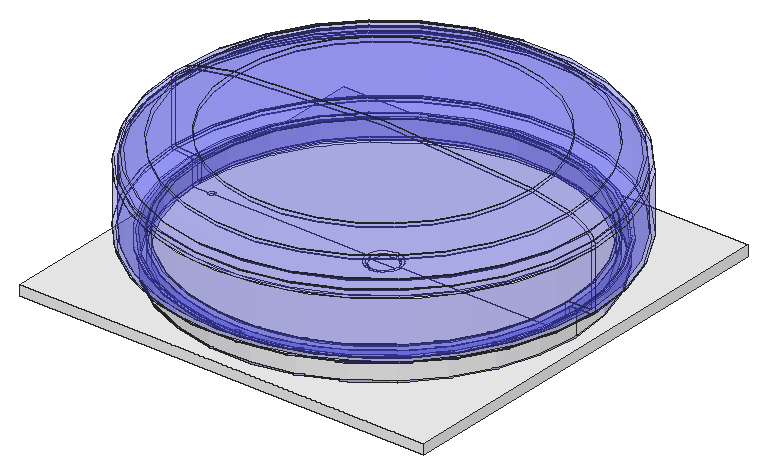
Revit family "BE_50044_de_DE", category Leuchten, Revit 2020
Family settings
  Basisbauteil = Fläche
  Bemaßung runder Anschluss = Durchmesser verwenden
  Teiletyp = Normal
  Beim Laden mit Abzugskörper schneiden = Ja
  Lichtquelle = Ja
  Gemeinsam genutzt = Nein
  Raumberechnungspunkt = Ja
Parameters (values of type "BEGA_50044_K4")
  built-in parameter 1150104 = 11.669 (stored number, unit not read)
  Wattage = 43.5 W
  Default Elevation = 0 mm
  built-in parameter 1150113 = 1 (stored number, unit not read)
  built-in parameter 1114218 = 1 (stored number, unit not read)
  Umgebungstemperatur = "25 °C"
  URL = "https://www.bega.com/de/produkt/50044"
  Typenkommentare = "© 2022 BEGA. Wir behalten uns das Recht vor, technische Änderungen ohne vorherige Ankündigung vorzunehmen."  # constant formula
  built-in parameter 1150134 = (empty or 0)
  built-in parameter 1150109 = 1 (stored number, unit not read)
  Strom = ""
  built-in parameter 1150110 = 1 (stored number, unit not read)
  Spannung = 230 V
  Sonderanfertigung = no
  Seriennummer [instance] = "Hier können Sie die eindeutige Seriennummer für das Facility Management eintragen."
  Schutzklasse = "I"
  Schutzart = "IP 20"
  Scheinlast = 0 VA
  Produktdatenblatt = "http://www.bega.de/download/Xrfa/db/50044.db.de.pdf"
  Oberflächentemperatur = ""
  Neigungswinkel = 0.00°
  Model = "50044K2"
  Material_17 = BEGA_Reflektor
  Material_15 = BEGA_Leuchtmedium_matt
  Material_11 = BEGA_Glas_opal
  Material_09 = BEGA_Glas_klar
  Material_06 = BEGA_Oberfläche_Edelstahl_gebürstet
  Material_03 = BEGA_Oberfläche_Weiss_matt
  Material_02 = BEGA_Oberfläche_Silber_matt
  Material_01 [instance] = BEGA_Oberfläche_Grafit_matt
  M_W = no
  M_G = no
  M_A = no
  Logo = 0
  built-in parameter 1114217 = 1 (stored number, unit not read)
  built-in parameter 1150139 = (empty or 0)
  built-in parameter 1150105 = 1101.3 (stored number, unit not read)
  built-in parameter 1150114 = 1 (stored number, unit not read)
  Lumens = 5463.6 lm
  built-in parameter 1150115 = 1 (stored number, unit not read)
  Leuchtenlichtstrom = "3387 lm"
  Leuchtenanzahl = ""
  Lebensdauerkriterien = "L70B50 @ 25 °C = 107000 h"
  Lastklassifizierung = Beleuchtung
  built-in parameter 1150112 = 1 (stored number, unit not read)
  Lampenlichtstrom = "5465 lm"
  Lamp = "LED 43.5 W"
  LED_Modulbezeichnung = "LED-0630/927"
  Hersteller = "BEGA"  # constant formula
  Halbstreuwinkel = ""
  Gewicht = "4.6 kg"
  Gebrauchslageneinschränkung [instance] = ""
  Frequenz = "50 Hz"
  Farbwiedergabeindex = "CRI > 90"
  Farbtemperaturverschiebung bei Dämpfen der Lampe = <Keine Auswahl>
  Farbtemperatur = "2700 K"
  Color Filter = 16777215
  built-in parameter 1150133 = 10 (stored number, unit not read)
  Energieeffizienzklasse = "LED A++ - A"
  built-in parameter 1150137 = (empty or 0)
  built-in parameter 1150132 = (empty or 0)
  ENEC = ""
  Dimmbar [instance] = ""
  Photometric Web File = "BE_50044K2.IES"
  CE_Konformität = "ja"
  Bestellnummer = "50044K2"
  Beschreibung_Sonderanfertigung = "Hier können Sie Informationen zur Sonderanfertigung eintragen."
  Beschreibung = "Decken- und Wandleuchte"
  built-in parameter 1150106 = 11.013 (stored number, unit not read)
  Befestigungsbohrung = "Ø 6 mm"
  Befestigungsabstand = "340 mm"
  Ballwurfsicher = ""
  BEGA_Intern_aus = yes
  BEGA_Intern_an = yes
  BEGA_Intern_Konstruktion = yes
  BEGA_Intern = yes
  BEGA_IES = yes
  BEGA_Dummy = no
  Anschlussleitung = ""
  Anschlussleistung [instance] = "49.7 W"
  Anschlusskasten = ""
  built-in parameter 1150107 = 2700 (stored number, unit not read)
  built-in parameter 1150102 = (empty or 0)
  built-in parameter 1150138 = (empty or 0)
  Aktualisierung = "2020-05-11T04:00:10"
  Abstand_zur_angestrahlten_Fläche [instance] = ""
  AC/DC = "AC"
Types (3, lengths in mm): name | built-in parameter 1150104 | built-in parameter 1150134 | Model | built-in parameter 1150105 | Lumens | Leuchtenlichtstrom | Lampenlichtstrom | LED_Modulbezeichnung | Farbtemperatur | Photometric Web File | Bestellnummer | built-in parameter 1150106 | built-in parameter 1150107
  BEGA_50044_K4 | 12.18 (stored number, unit not read) | 12 | "50044K4" | 453.82 (stored number, unit not read) | 5702.85 lm | "3988 lm" | "6435 lm" | "LED-0630/930" | "4000 K" | "BE_50044K4.IES" | "50044K4" | 4.5382 (stored number, unit not read) | 4000 (stored number, unit not read)
  BEGA_50044_K3 | 11.762 (stored number, unit not read) | (empty or 0) | "50044K3" | 1110.1 (stored number, unit not read) | 5507.1 lm | "7741 lm" | "12490 lm" | "LED-0630/930" | "3000 K" | "BE_50044K3.IES" | "50044K3" | 11.101 (stored number, unit not read) | 3000 (stored number, unit not read)
  BEGA_50044_K27 | 12.18 (stored number, unit not read) | 12 | "50044K27" | 453.82 (stored number, unit not read) | 5702.85 lm | "3858 lm" | "6225 lm" | "LED-0630/927" | "2700 K" | "BE_50044K27.IES" | "50044K27" | 4.5382 (stored number, unit not read) | 4000 (stored number, unit not read)
Reference planes
  plane 1 "Mitte (Vorne/Hinten)": y = 0
  plane 2: z = 0
  plane 3 "Mitte (Links/Rechts)": x = 0
  plane 4 "Links": x = -210
  plane 5 "Rechts": x = 210
  plane 6 "Unten": y = -210
  plane 7 "Oben": y = 210
  plane 8 "Vorne": z = 127.8
  plane 9 "Hinten": z = 0
Forms (mm)
  Extrusion 1, solid, material "BEGA_Platte_Weiss"
    sketch origin (0, -1119.2, 0) x (1, 0, 0) y (0, 1, 0)
      loop
        line (-200, 1319.2) -> (-200, 919.2) -> (200, 919.2) -> (200, 1319.2) -> (-200, 1319.2)
    from 0 to -10
  Extrusion 2, solid, material "BEGA_Dummy_matt", visible <- "BEGA_Dummy"
    sketch origin (77.149, -76.023, 0) x (1, 0, 0) y (0, 1, 0)
      loop
        circle (-77.149, 76.023) r 210
    from 0 to 127.8
Dimensions and locks
  plane 1 "Mitte (Vorne/Hinten)" to Extrusion 1 = 200 mm
  aligned and locked: plane 2 to Extrusion 1
  aligned and locked: level to Extrusion 1
Nested families
  nested 1: "BE_50044" at (0, 0, 0) x (0, -1, 0) z (0, 0, 1), type "BE_50044"
Connectors
  electrical at (0, 0, 0), driven by "Lastklassifizierung", driven by "Spannung", driven by "Scheinlast"
    settings: index 1, voltage 230 V, apparent load 0 VA, apparent load phase1 0 VA, apparent load phase2 0 VA, apparent load phase3 0 VA, power factor 1, load classification "Beleuchtung", number of poles 1, system type 31, power factor state 1, is connector primary yes, connector utility no, sub classification motor no, connector description ""
Definition of nested family "BE_50044"
  Parameters (values of type "BE_50044")
    Default Elevation = 1 mm
    URL = "http://www.bega.de/de/produkt"
    Type Comments = "© 2015 BEGA. Wir behalten uns das Recht vor, technische Änderungen ohne vorherige Ankündigung vorzunehmen. "  # constant formula
    Type Image = (empty or 0)
    Neigungswinkel_um_Z2 = 0.00°
    Neigungswinkel_um_Z1 = 0.00°
    Neigungswinkel_um_Y2 = 0.00°
    Neigungswinkel_um_Y1 = 0.00°
    Neigungswinkel_um_X2 = 0.00°
    Neigungswinkel_um_X1 = 0.00°
    Material_17 = none
    Material_15 = none
    Material_11 = none
    Material_09 = none
    Material_06 = none
    Material_05 = none
    Material_03 = none
    Material_02 = none
    Material_01 = none
    M_W = yes
    M_G = yes
    M_A = yes
    Länge_Platte = 600 mm  # constant formula
    Höhe_Platte = -10 mm  # constant formula
    Manufacturer = "BEGA"  # constant formula
    Drehwinkel_um_Z2 = 0.00°
    Drehwinkel_um_Z1 = 0.00°
    Breite_Platte = 600 mm  # constant formula
  Reference planes
    plane 1 "Mitte (Oben/Unten)": y = 0
    plane 2: z = 0
    plane 3 "Mitte (Links/Rechts)": x = 0
    plane 4: y = 210
    plane 5: z = 127.8
    plane 6: y = -210
    plane 7: x = -210
    plane 8: x = 210
  Forms (mm)
    Extrusion 1, solid, detail levels medium
      sketch origin (0, 0, 0) x (1, 0, 0) y (0, 1, 0)
        loop
          line (-300, 300) -> (-300, -300) -> (300, -300) -> (300, 300) -> (-300, 300)
      from 0 to -10 <- "Höhe_Platte"
    Revolve 2, solid, material <- "Material_03", detail levels medium+fine
      sketch origin (0, 0, 0) x (0, 1, 0) y (0, 0, 1)
        loop
          arc (16.416, 3.3) -> (15.11, 2.929) -> (14.191, 1.93) r 2.5
          arc (14.191, 1.93) -> (13.639, 1.325) -> (12.852, 1.1) r 1.5
          line (12.852, 1.1) -> (0.002, 1.1) -> (0.002, 0.1) -> (13.076, 0.1)
          arc (13.076, 0.1) -> (14.387, 0.471) -> (15.313, 1.475) r 2.5
          arc (15.313, 1.475) -> (15.866, 2.077) -> (16.653, 2.3) r 1.5
          line (16.653, 2.3) -> (188.667, 2.3)
          arc (188.667, 2.3) -> (190.064, 2.868) -> (190.667, 4.25) r 2
          line (190.667, 4.25) -> (191.038, 25.509)
          arc (191.038, 25.509) -> (191.277, 26.071) -> (191.842, 26.3) r 0.8
          line (191.842, 26.3) -> (194, 26.3) -> (194, 27.3) -> (191.844, 27.3)
          arc (191.844, 27.3) -> (190.578, 26.786) -> (190.038, 25.531) r 1.8
          line (190.038, 25.531) -> (189.667, 4.275)
          arc (189.667, 4.275) -> (189.365, 3.584) -> (188.667, 3.3) r 1
          line (188.667, 3.3) -> (16.416, 3.3)
        axis (0.002, 0.1) -> (0.002, 27.3)
      angle from 0 to 360
    Revolve 3, solid, material <- "Material_03", detail levels medium+fine
      sketch origin (87.5, 0, 0) x (0, 1, 0) y (0, 0, 1)
        loop
          line (151.554, 0) -> (151.554, 2.691) -> (145.799, 2.691)
          arc (145.799, 2.691) -> (148.377, 0.706) -> (151.554, 0) r 7.5
        axis (151.554, 2.691) -> (151.554, 0)
      angle from 0 to 360
    Extrusion 4, void
      sketch origin (0, 0, 0) x (1, 0, 0) y (0, 1, 0)
        loop
          circle (163, 18) r 8.5
        loop
          circle (163, -18) r 8.5
        loop
          circle (0, 170) r 3
        loop
          circle (0, -170) r 3
      from 0 to 7.205
    Revolve 5, solid, material <- "Material_11", detail levels medium+fine
      sketch origin (0, 0, 0) x (0, 1, 0) y (0, 0, 1)
        loop
          arc (185.037, 111.947) -> (166.501, 116.443) -> (147.656, 119.387) r 230
          arc (147.656, 119.387) -> (73.948, 125.695) -> (0, 127.8) r 1299.91
          line (0, 127.8) -> (0, 123.8)
          arc (0, 123.8) -> (73.763, 121.699) -> (147.287, 115.403) r 1295.91
          arc (147.287, 115.403) -> (165.775, 112.509) -> (183.961, 108.094) r 226
          arc (183.961, 108.094) -> (193.162, 104.323) -> (201.339, 98.662) r 46
          arc (201.339, 98.662) -> (203.744, 95.883) -> (205.275, 92.542) r 13
          arc (205.275, 92.542) -> (205.818, 90.189) -> (206, 87.78) r 16
          line (206, 87.78) -> (206, 32.958) -> (182.901, 31.748)
          arc (182.901, 31.748) -> (180.841, 30.798) -> (180, 28.691) r 3.061
          line (180, 28.691) -> (180, 10.3) -> (184, 10.3) -> (184, 26.851)
          arc (184, 26.851) -> (184.275, 27.539) -> (184.948, 27.85) r 1
          line (184.948, 27.85) -> (207.172, 29.014)
          arc (207.172, 29.014) -> (209.181, 29.95) -> (210, 32.009) r 3
          line (210, 32.009) -> (210, 87.839)
          arc (210, 87.839) -> (209.678, 91.376) -> (208.735, 94.8) r 20
          arc (208.735, 94.8) -> (206.78, 98.538) -> (203.964, 101.679) r 17
          arc (203.964, 101.679) -> (195.06, 107.844) -> (185.037, 111.947) r 50
        axis (0, 127.8) -> (0, 10.3)
      angle from 0 to 360
    Revolve 6, solid, material <- "Material_03", detail levels medium+fine
      sketch origin (-43.75, -75.777, 0) x (0.866025, -0.5, 0) y (0, 0, 1)
        loop
          line (151.554, 0) -> (151.554, 2.691) -> (145.799, 2.691)
          arc (145.799, 2.691) -> (148.377, 0.706) -> (151.554, 0) r 7.5
        axis (151.554, 2.691) -> (151.554, 0)
      angle from 0 to 360
    Revolve 7, solid, material <- "Material_03", detail levels medium+fine
      sketch origin (-43.75, 75.777, 0) x (-0.866025, -0.5, 0) y (0, 0, 1)
        loop
          line (151.554, 0) -> (151.554, 2.691) -> (145.799, 2.691)
          arc (145.799, 2.691) -> (148.377, 0.706) -> (151.554, 0) r 7.5
        axis (151.554, 2.691) -> (151.554, 0)
      angle from 0 to 360
  Cuts and joins
    Extrusion 4 cuts Revolve 2
    Extrusion 4 cuts Revolve 3
    joined: Revolve 2, Revolve 3, Revolve 6, Revolve 7
  Dimensions and locks
    equal spacing: Extrusion 1 sketch curve, plane 3 "Mitte (Links/Rechts)", Extrusion 1 sketch curve
    equal spacing: Extrusion 1 sketch curve, plane 1 "Mitte (Oben/Unten)", Extrusion 1 sketch curve
    "Länge_Platte": Extrusion 1 sketch curve to Extrusion 1 sketch curve
    "Breite_Platte": Extrusion 1 sketch curve to Extrusion 1 sketch curve
    aligned and locked: Extrusion 1 to plane 2
    aligned and locked: level to Extrusion 1
  Automatic sketch dimensions
    Revolve 2 sketch curve to Revolve 2 sketch curve = 0 mm  (x14)
    level to Revolve 2 sketch curve = 2.6 mm
    Revolve 2 sketch curve to plane 1 "Mitte (Oben/Unten)" = 12.849 mm
    Revolve 2 sketch curve to Revolve 2 sketch curve = 0.003 mm
    Revolve 2 sketch curve to Revolve 2 sketch curve = 0.227 mm
    Revolve 2 sketch curve to Revolve 2 sketch curve = 3.34 mm
    level to Revolve 2 sketch curve = 0.8 mm
    Revolve 2 sketch curve to Revolve 2 sketch curve = 0.005 mm
    Revolve 2 sketch curve to Revolve 2 sketch curve = 0.236 mm
    level to Revolve 2 sketch curve = 3.3 mm
    level to Revolve 2 sketch curve = 4.275 mm
    Revolve 2 sketch curve to Revolve 2 sketch curve = 1 mm  (x6)
    level to Revolve 2 sketch curve = 4.25 mm
    Revolve 2 sketch curve to Revolve 2 sketch curve = 0.8 mm
    Revolve 2 sketch curve to Revolve 2 sketch curve = 0.004 mm  (x2)
    Revolve 2 sketch curve to Revolve 2 sketch curve = 0.002 mm
    Revolve 2 sketch curve to Revolve 2 sketch curve = 2.158 mm
    level to Revolve 2 sketch curve = 0.1 mm
    Revolve 2 sketch curve to Revolve 2 sketch curve = 21.25 mm
    Revolve 2 sketch curve to Revolve 2 sketch curve = 0.009 mm
    Revolve 2 sketch curve to plane 1 "Mitte (Oben/Unten)" = 0.002 mm
    Revolve 2 sketch curve to Revolve 2 sketch curve = 1.118 mm
    Revolve 3 sketch curve to Revolve 3 sketch curve = 0 mm  (x3)
    Revolve 3 sketch curve to Revolve 3 sketch curve = 4.809 mm
    Revolve 3 sketch curve to Revolve 3 sketch curve = 2.309 mm
    Revolve 3 sketch curve to Revolve 3 sketch curve = 5.756 mm
    Revolve 6 sketch curve to Revolve 6 sketch curve = 0 mm  (x3)
    Revolve 6 sketch curve to Revolve 6 sketch curve = 4.809 mm
    Revolve 6 sketch curve to Revolve 6 sketch curve = 2.309 mm
    Revolve 6 sketch curve to Revolve 6 sketch curve = 5.756 mm
    Revolve 7 sketch curve to Revolve 7 sketch curve = 0 mm  (x3)
    Revolve 7 sketch curve to Revolve 7 sketch curve = 4.809 mm
    Revolve 7 sketch curve to Revolve 7 sketch curve = 2.309 mm
    Revolve 7 sketch curve to Revolve 7 sketch curve = 5.756 mm
    Revolve 3 sketch curve to level = 0 mm
    Revolve 6 sketch curve to level = 0 mm
    level to Revolve 7 sketch curve = 0 mm
    plane 1 "Mitte (Oben/Unten)" to Extrusion 4 sketch curve = 18 mm
    Extrusion 4 sketch curve to plane 1 "Mitte (Oben/Unten)" = 18 mm
    Revolve 5 sketch curve to Revolve 5 sketch curve = 0 mm  (x18)
    plane 1 "Mitte (Oben/Unten)" to Revolve 5 sketch curve = 0 mm
    Revolve 5 sketch curve to plane 1 "Mitte (Oben/Unten)" = 0.006 mm
    Revolve 5 sketch curve to Revolve 5 sketch curve = 2.901 mm
    Revolve 5 sketch curve to Revolve 5 sketch curve = 3.061 mm
    Revolve 5 sketch curve to Revolve 5 sketch curve = 4 mm  (x3)
    Revolve 5 sketch curve to Revolve 5 sketch curve = 1 mm  (x2)
    Revolve 5 sketch curve to Revolve 5 sketch curve = 2.81 mm
    Revolve 5 sketch curve to Revolve 5 sketch curve = 13.19 mm
    Revolve 5 sketch curve to Revolve 5 sketch curve = 0.172 mm
    Revolve 5 sketch curve to level = 1172.111 mm
    Revolve 5 sketch curve to level = 109.132 mm
    level to Revolve 5 sketch curve = 10.3 mm
    Revolve 5 sketch curve to Revolve 5 sketch curve = 16.551 mm
    Revolve 5 sketch curve to Revolve 5 sketch curve = 1.84 mm
    Revolve 5 sketch curve to Revolve 5 sketch curve = 2.163 mm
    Revolve 5 sketch curve to Revolve 5 sketch curve = 2.995 mm
    Revolve 5 sketch curve to Revolve 5 sketch curve = 0.949 mm
    Revolve 5 sketch curve to Revolve 5 sketch curve = 32.146 mm
    Revolve 5 sketch curve to Revolve 5 sketch curve = 0.02 mm
    Revolve 5 sketch curve to Revolve 5 sketch curve = 0.059 mm
    Revolve 5 sketch curve to Revolve 5 sketch curve = 1.05 mm
    Revolve 5 sketch curve to Revolve 5 sketch curve = 0.369 mm
    Revolve 5 sketch curve to Revolve 5 sketch curve = 6.039 mm
    Revolve 5 sketch curve to Revolve 5 sketch curve = 0.052 mm
    Revolve 5 sketch curve to Revolve 5 sketch curve = 2.626 mm
    Revolve 5 sketch curve to Revolve 5 sketch curve = 3.46 mm
    Revolve 5 sketch curve to Revolve 5 sketch curve = 23.886 mm
    level to Revolve 5 sketch curve = 123.8 mm
    Revolve 5 sketch curve to Revolve 5 sketch curve = 1.076 mm
    Revolve 5 sketch curve to Revolve 5 sketch curve = 4.661 mm
    Revolve 5 sketch curve to Revolve 5 sketch curve = 0.725 mm
    Revolve 5 sketch curve to Revolve 5 sketch curve = 6.968 mm
    Revolve 2 sketch curve to Revolve 2 sketch curve = 172.015 mm
    Revolve 2 sketch curve to Revolve 2 sketch curve = 0.371 mm
    Revolve 3 sketch curve to plane 1 "Mitte (Oben/Unten)" = 145.799 mm
    Revolve 5 sketch curve to plane 1 "Mitte (Oben/Unten)" = 121.603 mm
    Revolve 5 sketch curve to plane 1 "Mitte (Oben/Unten)" = 171.218 mm
    Revolve 5 sketch curve to Revolve 5 sketch curve = 8.782 mm
    Revolve 5 sketch curve to Revolve 5 sketch curve = 18.782 mm
    Revolve 5 sketch curve to Revolve 5 sketch curve = 36.674 mm
    Extrusion 4 sketch curve to plane 3 "Mitte (Links/Rechts)" = 0 mm  (x2)
    plane 3 "Mitte (Links/Rechts)" to Extrusion 4 sketch curve = 163 mm
    Extrusion 4 sketch curve to Extrusion 4 sketch curve = 0 mm
    plane 6 to Extrusion 4 sketch curve = 40 mm
    plane 4 to Extrusion 4 sketch curve = 40 mm
    radius of Extrusion 4 sketch curve = 8.5 mm  (x2)
    radius of Extrusion 4 sketch curve = 3 mm  (x2)
